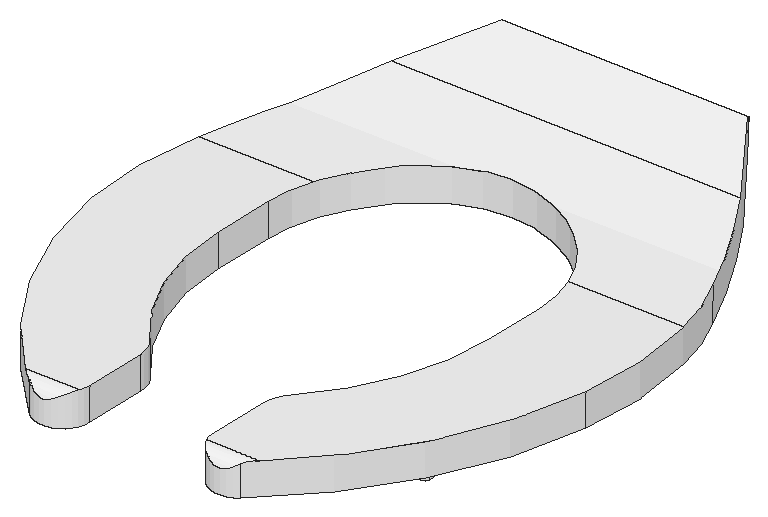
Revit family "609551001_Asiento Sanitario Forte AroAlongado", category Plumbing Fixtures, Revit 2020
Family settings
  Round Connector Dimension = Use Diameter
  Part Type = Normal
  OmniClass Number = 23.31.19.19.17
  Work Plane-Based = No
  Always vertical = Yes
  Cut with Voids When Loaded = No
  Shared = No
  Room Calculation Point = No
Parameters
  URL = "https://bimbau.s3.amazonaws.com/Documents/Products/BMB00033851_BMB00033851_609551001.pdf"
  Garantía = "5 años"  # constant formula
  Angulos de detencion = "Entre 79° - 101°\r"  # constant formula
  SKU = "609551001"  # constant formula
  Referencia = " 609551001"  # constant formula
  Profundidad = 468 mm  # constant formula
  Peso neto = "1,25 grs. "  # constant formula
  Peso  Bruto = "1,60 grs."  # constant formula
  Model = "Asiento Sanitario Forte Aro Alongado"  # constant formula
  Material 2 = Corona_Acero inoxidable
  Material = Corona_Polipropileno
  Manufacturer = "Corona"  # constant formula
  Resistencia de flexion = " 1335 ± 22 N - 300 ± 5 lbs."  # constant formula
  Fecha de creación = "11/03/2021"  # constant formula
  Description = "Asiento Standard"  # constant formula
  Default Elevation = 0 mm
  Creado por = "BIMBAU"  # constant formula
  Ancho = 366 mm  # constant formula
  Alto = 58 mm  # constant formula
Reference planes
  plane 1 "Center (Front/Back)": y = 0
  plane 2: z = 0
  plane 3 "Center (Left/Right)": x = 0
  plane 4: x = -183
  plane 5: x = 183
  plane 6: y = 234
  plane 7: y = -234
  plane 8: z = 58
Forms (mm)
  Extrusion 1, solid, material "Corona_Polipropileno" <- "Material", detail levels medium+fine
    sketch origin (0, 0, 0) x (0, 1, 0) y (0, 0, 1)
      loop
        line (221.865, 34.851) -> (211.793, 56.45) -> (158.808, 40.251)
        arc (158.808, 40.251) -> (103.563, 27.75) -> (47.077, 23.553) r 382.154
        line (47.077, 23.553) -> (-220.786, 23.553)
        arc (-220.786, 23.553) -> (-230.13, 19.682) -> (-234, 10.338) r 13.214
        line (-234, 10.338) -> (-234, -0.047) -> (47.077, -0.047)
        arc (47.077, -0.047) -> (107.051, 4.409) -> (165.708, 17.682) r 405.754
        line (165.708, 17.682) -> (221.865, 34.851)
    from -183 to 183
  Extrusion 2, void, detail levels medium+fine
    sketch origin (0, 0, 0) x (1, 0, 0) y (0, 1, 0)
      loop
        line (-44.147, -213.14) -> (-44.147, -167.752)
        arc (-44.147, -167.752) -> (-45.881, -158.607) -> (-50.841, -150.732) r 24.984
        arc (-50.841, -150.732) -> (-85.468, -95.755) -> (-97.57, -31.919) r 174.412
        line (-97.57, -31.919) -> (-97.57, 13.09)
        arc (-97.57, 13.09) -> (0, 110.66) -> (97.57, 13.09) r 97.57
        line (97.57, 13.09) -> (97.57, -31.919)
        arc (97.57, -31.919) -> (85.468, -95.755) -> (50.841, -150.732) r 174.412
        arc (50.841, -150.732) -> (45.881, -158.607) -> (44.147, -167.752) r 24.984
        line (44.147, -167.752) -> (44.147, -213.14)
        arc (44.147, -213.14) -> (55.311, -230.625) -> (75.871, -227.856) r 19.275
        arc (75.871, -227.856) -> (142.873, -145.462) -> (177.234, -44.977) r 302.206
        arc (177.234, -44.977) -> (178.24, 23.768) -> (160.303, 90.139) r 247.593
        arc (160.303, 90.139) -> (121.002, 165.893) -> (69.577, 234) r 508.104
        line (69.577, 234) -> (-69.577, 234)
        arc (-69.577, 234) -> (-121.002, 165.893) -> (-160.303, 90.139) r 508.104
        arc (-160.303, 90.139) -> (-178.24, 23.768) -> (-177.234, -44.977) r 247.593
        arc (-177.234, -44.977) -> (-142.873, -145.462) -> (-75.871, -227.856) r 302.206
        arc (-75.871, -227.856) -> (-55.311, -230.625) -> (-44.147, -213.14) r 19.275
      loop
        line (-219.063, 268.58) -> (-219.063, -291.42) -> (235.937, -291.42) -> (235.937, 268.58) -> (-219.063, 268.58)
    from -129.818 to 250
  Extrusion 3, solid, material "Corona_Polipropileno" <- "Material", detail levels medium+fine
    sketch origin (0, 0, 0) x (1, 0, 0) y (0, 1, 0)
      loop
        spline (-158.372, 78.288) -> (-158.61, 75.144) -> (-157.231, 71.632) -> (-154.328, 67.991) -> (-150.1, 64.469) -> (-144.835, 61.305) -> (-138.891, 58.717) -> (-132.674, 56.879) -> (-126.608, 55.918) -> (-121.105, 55.899) -> (-116.541, 56.822) -> (-113.226, 58.626) -> (-111.388, 61.187)
        spline (-111.388, 61.187) -> (-111.15, 64.33) -> (-112.53, 67.843) -> (-115.432, 71.484) -> (-119.66, 75.006) -> (-124.925, 78.169) -> (-130.869, 80.758) -> (-137.086, 82.595) -> (-143.153, 83.556) -> (-148.655, 83.576) -> (-153.219, 82.652) -> (-156.534, 80.849) -> (-158.372, 78.288)
      loop
        spline (-142.271, -141.185) -> (-140.432, -143.745) -> (-137.118, -145.549) -> (-132.554, -146.473) -> (-127.051, -146.453) -> (-120.984, -145.492) -> (-114.767, -143.654) -> (-108.824, -141.066) -> (-103.559, -137.903) -> (-99.331, -134.381) -> (-96.428, -130.739) -> (-95.049, -127.227) -> (-95.286, -124.084)
        spline (-95.286, -124.084) -> (-97.125, -121.523) -> (-100.439, -119.719) -> (-105.003, -118.795) -> (-110.506, -118.815) -> (-116.573, -119.776) -> (-122.79, -121.614) -> (-128.733, -124.202) -> (-133.998, -127.365) -> (-138.226, -130.888) -> (-141.129, -134.529) -> (-142.508, -138.041) -> (-142.271, -141.185)
      loop
        spline (158.372, 78.288) -> (156.534, 80.849) -> (153.219, 82.652) -> (148.655, 83.576) -> (143.153, 83.556) -> (137.086, 82.595) -> (130.869, 80.758) -> (124.925, 78.169) -> (119.66, 75.006) -> (115.432, 71.484) -> (112.53, 67.843) -> (111.15, 64.33) -> (111.388, 61.187)
        spline (111.388, 61.187) -> (113.226, 58.626) -> (116.541, 56.822) -> (121.105, 55.899) -> (126.608, 55.918) -> (132.674, 56.879) -> (138.891, 58.717) -> (144.835, 61.305) -> (150.1, 64.469) -> (154.328, 67.991) -> (157.231, 71.632) -> (158.61, 75.144) -> (158.372, 78.288)
      loop
        spline (142.271, -141.185) -> (142.508, -138.041) -> (141.129, -134.529) -> (138.226, -130.888) -> (133.998, -127.365) -> (128.733, -124.202) -> (122.79, -121.614) -> (116.573, -119.776) -> (110.506, -118.815) -> (105.003, -118.795) -> (100.439, -119.719) -> (97.125, -121.523) -> (95.286, -124.084)
        spline (95.286, -124.084) -> (95.049, -127.227) -> (96.428, -130.739) -> (99.331, -134.381) -> (103.559, -137.903) -> (108.824, -141.066) -> (114.767, -143.654) -> (120.984, -145.492) -> (127.051, -146.453) -> (132.554, -146.473) -> (137.118, -145.549) -> (140.432, -143.745) -> (142.271, -141.185)
    from -3.176 to 0
  Revolve 4, solid, material "Corona_Acero inoxidable" <- "Material 2", detail levels medium+fine
    sketch origin (0, 212.147, 0) x (1, 0, 0) y (0, 0, 1)
      loop
        line (-74.478, 0) -> (-74.478, -47.052) -> (-69.478, -47.052) -> (-69.478, 0) -> (-74.478, 0)
      axis (-69.478, 0) -> (-69.478, -47.052)
    angle from 0 to 360
  Revolve 5, solid, material "Corona_Acero inoxidable" <- "Material 2", detail levels medium+fine
    sketch origin (0, 212.147, 0) x (-1, 0, 0) y (0, 0, -1)
      loop
        line (-74.478, 0) -> (-69.478, 0) -> (-69.478, 47.052) -> (-74.478, 47.052) -> (-74.478, 0)
      axis (-69.478, 0) -> (-69.478, 47.052)
    angle from 0 to 360
  Extrusion 6, solid, material "Corona_Polipropileno" <- "Material", detail levels medium+fine
    sketch origin (0, 0, 0) x (0, 1, 0) y (0, 0, 1)
      loop
        line (221.865, 34.851) -> (198.922, 27.837) -> (207.97, 8.433) -> (229.502, 18.474) -> (221.865, 34.851)
    from -53.205 to 56.828
  Sweep 7, solid, material "Corona_Polipropileno" <- "Material", detail levels medium+fine
    path origin (0, 0, -0.047) x (1, 0, 0) y (0, 0, 1)
      loop
        line (-69.478, 0) -> (-69.478, 8.125)
        arc (-69.478, 8.125) -> (-65.085, 18.732) -> (-54.478, 23.125) r 15
        line (-54.478, 23.125) -> (0, 23.125) -> (54.478, 23.125)
        arc (54.478, 23.125) -> (65.085, 18.732) -> (69.478, 8.125) r 15
        line (69.478, 8.125) -> (69.478, 0)
    profile origin (-69.478, 0, 4.015) x (-1, 0, 0) y (0, -1, 0)
      loop
        circle (0, -212.898) r 10.323
  Extrusion 8, solid, detail levels coarse
    sketch origin (0, 0, 0) x (1, 0, 0) y (0, 1, 0)
      loop
        line (-194.022, 234) -> (-194.022, -234) -> (194.405, -234) -> (194.405, 234) -> (-194.022, 234)
    from -47.052 to 58
Cuts and joins
  Extrusion 2 cuts Extrusion 1
  joined: Extrusion 1, Extrusion 6
Dimensions and locks
  equal spacing: plane 4, plane 3 "Center (Left/Right)", plane 5
  "Ancho": plane 4 to plane 5
  equal spacing: plane 6, plane 1 "Center (Front/Back)", plane 7
  "Profundidad": plane 6 to plane 7
  "Alto": plane 8 to level
  aligned and locked: level to plane 2
  aligned and locked: plane 8 to Extrusion 8
Automatic sketch dimensions
  Extrusion 1 sketch curve to Extrusion 1 sketch curve = 0 mm  (x2)
  Extrusion 1 sketch curve to plane 7 = 0 mm
  Extrusion 1 sketch curve to plane 8 = 1.55 mm
  plane 7 to Extrusion 1 sketch curve = 13.214 mm
  Extrusion 1 sketch curve to plane 1 "Center (Front/Back)" = 47.077 mm
  Extrusion 1 sketch curve to plane 8 = 17.749 mm
  Extrusion 1 sketch curve to plane 6 = 75.192 mm
  level to Extrusion 1 sketch curve = 17.682 mm
  Extrusion 1 sketch curve to Extrusion 1 sketch curve = 6.9 mm
  Extrusion 1 sketch curve to plane 6 = 22.207 mm
  Extrusion 1 sketch curve to plane 6 = 12.135 mm
  level to Extrusion 1 sketch curve = 10.338 mm
  Extrusion 1 sketch curve to plane 8 = 23.149 mm
  Extrusion 2 sketch curve to plane 6 = 0 mm
  Extrusion 2 sketch curve to plane 3 "Center (Left/Right)" = 0 mm
  Extrusion 2 sketch curve to plane 3 "Center (Left/Right)" = 44.147 mm
  Extrusion 2 sketch curve to Extrusion 2 sketch curve = 19.275 mm  (x2)
  plane 1 "Center (Front/Back)" to Extrusion 2 sketch curve = 7.016 mm  (x2)
  Extrusion 2 sketch curve to plane 3 "Center (Left/Right)" = 67.431 mm
  Extrusion 2 sketch curve to Extrusion 2 sketch curve = 24.984 mm  (x2)
  Extrusion 2 sketch curve to plane 3 "Center (Left/Right)" = 69.577 mm
  Extrusion 2 sketch curve to Extrusion 2 sketch curve = 9.41 mm
  Extrusion 2 sketch curve to Extrusion 2 sketch curve = 20.728 mm  (x2)
  Extrusion 2 sketch curve to plane 1 "Center (Front/Back)" = 1.04 mm  (x2)
  Extrusion 2 sketch curve to Extrusion 2 sketch curve = 23.878 mm  (x2)
  Extrusion 2 sketch curve to plane 4 = 36.063 mm
  Extrusion 2 sketch curve to plane 4 = 125.774 mm
  plane 7 to Extrusion 2 sketch curve = 20.86 mm  (x2)
  plane 3 "Center (Left/Right)" to Extrusion 2 sketch curve = 44.147 mm
  Extrusion 2 sketch curve to Extrusion 2 sketch curve = 30.139 mm
  plane 3 "Center (Left/Right)" to Extrusion 2 sketch curve = 69.577 mm
  plane 5 to Extrusion 2 sketch curve = 52.937 mm
  plane 5 to Extrusion 2 sketch curve = 125.774 mm
  Extrusion 2 sketch curve to plane 7 = 57.42 mm
  Extrusion 2 sketch curve to Extrusion 2 sketch curve = 45.388 mm  (x2)
  plane 1 "Center (Front/Back)" to Extrusion 2 sketch curve = 105.146 mm  (x2)
  Extrusion 2 sketch curve to Extrusion 2 sketch curve = 24.902 mm
  Extrusion 2 sketch curve to Extrusion 2 sketch curve = 0 mm
  Extrusion 2 sketch curve to plane 1 "Center (Front/Back)" = 13.09 mm
  plane 6 to Extrusion 2 sketch curve = 34.58 mm
  plane 7 to Extrusion 2 sketch curve = 6.144 mm  (x2)
  Extrusion 2 sketch curve to plane 1 "Center (Front/Back)" = 90.139 mm  (x2)
  plane 4 to Extrusion 3 sketch curve = 24.628 mm
  Extrusion 3 sketch curve to plane 5 = 40.729 mm
  plane 7 to Extrusion 3 sketch curve = 92.815 mm  (x2)
  plane 4 to Extrusion 3 sketch curve = 40.729 mm
  Extrusion 3 sketch curve to Extrusion 3 sketch curve = 23.492 mm  (x3)
  Extrusion 3 sketch curve to plane 5 = 48.12 mm
  Extrusion 3 sketch curve to plane 5 = 24.628 mm
  Extrusion 3 sketch curve to plane 1 "Center (Front/Back)" = 69.737 mm  (x2)
  Revolve 4 sketch curve to level = 0 mm
  Revolve 4 sketch curve to plane 3 "Center (Left/Right)" = 74.478 mm
  Revolve 4 sketch curve to Revolve 4 sketch curve = 5 mm
  Revolve 4 sketch curve to level = 47.052 mm
  Revolve 4 sketch curve to Revolve 4 sketch curve = 0 mm
  Revolve 4 sketch curve to level = 23.526 mm
  Revolve 4 sketch curve to Revolve 4 sketch curve = 10 mm
  Revolve 5 sketch curve to level = 0 mm
  plane 3 "Center (Left/Right)" to Revolve 5 sketch curve = 74.478 mm
  Revolve 5 sketch curve to Revolve 5 sketch curve = 5 mm
  Revolve 5 sketch curve to level = 47.052 mm
  Revolve 5 sketch curve to Revolve 5 sketch curve = 0 mm
  Revolve 5 sketch curve to level = 23.526 mm
  Revolve 5 sketch curve to Revolve 5 sketch curve = 10 mm
  Extrusion 6 sketch curve to plane 6 = 35.078 mm
  level to Extrusion 6 sketch curve = 8.433 mm
  Extrusion 6 sketch curve to plane 6 = 26.03 mm
  Extrusion 6 sketch curve to plane 6 = 12.135 mm
  Extrusion 6 sketch curve to plane 6 = 4.498 mm
  level to Extrusion 6 sketch curve = 18.474 mm
  Sweep 7 sketch curve to plane 3 "Center (Left/Right)" = 0 mm
  Sweep 7 sketch curve to plane 8 = 34.922 mm
  Sweep 7 sketch curve to plane 3 "Center (Left/Right)" = 54.478 mm
  level to Sweep 7 sketch curve = 8.078 mm  (x2)
  Sweep 7 sketch curve to Sweep 7 sketch curve = 54.478 mm
  Sweep 7 sketch curve to level = 0.047 mm  (x2)
  Sweep 7 sketch curve to Sweep 7 sketch curve = 0 mm  (x2)
  Sweep 7 sketch curve to profile plane = 0 mm
  Sweep 7 sketch curve to profile plane = 212.898 mm
  Sweep 7 sketch curve to Sweep 7 sketch curve = 10.323 mm
  Extrusion 8 sketch curve to plane 7 = 0 mm
  Extrusion 8 sketch curve to plane 6 = 0 mm
  Extrusion 8 sketch curve to plane 4 = 11.022 mm
  plane 5 to Extrusion 8 sketch curve = 11.405 mm
Nested families
  nested 1: "Planta" at (0, -2.5, 0), type "Planta"
Definition of nested family "Planta"
  Parameters (values of type "Planta")
    Ancho = 320 mm
  Reference planes
    plane 1 "Center (Front/Back)": y = 0
    plane 2: z = 0
    plane 3 "Center (Left/Right)": x = 0
  Lines and regions (mm)
    Filled region 1, type "Solido", in view "Ref. Level"
      outline origin (0, 0, 0) x (1, 0, 0) y (0, 1, 0)
        loop
          spline (46.592, -144.698) -> (60.84, -224.355) -> (94.632, -219) -> (127.545, -185.264) -> (153.567, -141.395) -> (174.27, -96.742) -> (187.25, -51.946) -> (193.028, -10.969) -> (192.975, 28.008) -> (188.197, 72.63) -> (179.381, 119.544) -> (149.356, 170.056) -> (82.269, 234.149)
          line (82.269, 234.149) -> (-82.269, 234.149)
          spline (-82.269, 234.149) -> (-149.356, 170.056) -> (-179.381, 119.544) -> (-188.197, 72.63) -> (-192.975, 28.008) -> (-193.028, -10.969) -> (-187.25, -51.946) -> (-174.27, -96.742) -> (-153.567, -141.395) -> (-127.545, -185.264) -> (-94.632, -219) -> (-60.84, -224.355) -> (-46.592, -144.698)
          spline (-46.592, -144.698) -> (-62.326, -126.065) -> (-78.076, -101.048) -> (-90.363, -72.489) -> (-97.891, -42.555) -> (-101.833, -12.64) -> (-103.494, 15.902) -> (-103.444, 42.164) -> (-100.132, 66.53) -> (-91.63, 89.613) -> (-75.704, 111.653) -> (-47.334, 129.45) -> (0, 137.96)
          spline (0, 137.96) -> (47.334, 129.45) -> (75.704, 111.653) -> (91.63, 89.613) -> (100.132, 66.53) -> (103.444, 42.164) -> (103.494, 15.902) -> (101.833, -12.64) -> (97.891, -42.555) -> (90.363, -72.489) -> (78.076, -101.048) -> (62.326, -126.065) -> (46.592, -144.698)
    detail lines, in view "Ref. Level"
      curve 1: spline (-106.533, 100.922, 0) -> (-109.359, 98.071, 0) -> (-113.764, 96.436, 0) -> (-119.446, 96.129, 0) -> (-126.019, 97.172, 0) -> (-133.034, 99.492, 0) -> (-140.014, 102.931, 0) -> (-146.482, 107.256, 0) -> (-151.999, 112.172, 0) -> (-156.188, 117.343, 0) -> (-158.764, 122.417, 0) -> (-159.55, 127.048, 0) -> (-158.494, 130.922, 0) -> (-155.668, 133.773, 0) -> (-151.264, 135.407, 0) -> (-145.582, 135.714, 0) -> (-139.009, 134.672, 0) -> (-131.994, 132.352, 0) -> (-125.014, 128.912, 0) -> (-118.545, 124.587, 0) -> (-113.028, 119.672, 0) -> (-108.839, 114.501, 0) -> (-106.264, 109.426, 0) -> (-105.477, 104.795, 0) -> (-106.533, 100.922, 0)
      curve 2: spline (-91.043, -95.922, 0) -> (-93.869, -93.071, 0) -> (-98.273, -91.436, 0) -> (-103.955, -91.129, 0) -> (-110.528, -92.172, 0) -> (-117.543, -94.492, 0) -> (-124.523, -97.931, 0) -> (-130.992, -102.256, 0) -> (-136.509, -107.172, 0) -> (-140.698, -112.343, 0) -> (-143.273, -117.417, 0) -> (-144.06, -122.048, 0) -> (-143.004, -125.922, 0) -> (-140.178, -128.773, 0) -> (-135.773, -130.407, 0) -> (-130.091, -130.714, 0) -> (-123.519, -129.672, 0) -> (-116.503, -127.352, 0) -> (-109.523, -123.912, 0) -> (-103.055, -119.587, 0) -> (-97.538, -114.672, 0) -> (-93.349, -109.501, 0) -> (-90.773, -104.426, 0) -> (-89.987, -99.795, 0) -> (-91.043, -95.922, 0)
      curve 3: spline (87.975, 106.1, 0) -> (90.801, 103.249, 0) -> (95.206, 101.615, 0) -> (100.888, 101.308, 0) -> (107.46, 102.35, 0) -> (114.476, 104.67, 0) -> (121.456, 108.11, 0) -> (127.924, 112.435, 0) -> (133.441, 117.35, 0) -> (137.63, 122.521, 0) -> (140.206, 127.595, 0) -> (140.992, 132.227, 0) -> (139.936, 136.1, 0) -> (137.11, 138.951, 0) -> (132.706, 140.586, 0) -> (127.023, 140.892, 0) -> (120.451, 139.85, 0) -> (113.435, 137.53, 0) -> (106.456, 134.091, 0) -> (99.987, 129.766, 0) -> (94.47, 124.85, 0) -> (90.281, 119.679, 0) -> (87.706, 114.605, 0) -> (86.919, 109.973, 0) -> (87.975, 106.1, 0)
      curve 4: spline (96.781, -87.034, 0) -> (99.607, -84.183, 0) -> (104.011, -82.548, 0) -> (109.694, -82.241, 0) -> (116.266, -83.284, 0) -> (123.282, -85.604, 0) -> (130.261, -89.043, 0) -> (136.73, -93.368, 0) -> (142.247, -98.284, 0) -> (146.436, -103.455, 0) -> (149.011, -108.529, 0) -> (149.798, -113.16, 0) -> (148.742, -117.034, 0) -> (145.916, -119.885, 0) -> (141.511, -121.519, 0) -> (135.829, -121.826, 0) -> (129.257, -120.784, 0) -> (122.241, -118.464, 0) -> (115.261, -115.024, 0) -> (108.793, -110.699, 0) -> (103.276, -105.784, 0) -> (99.087, -100.613, 0) -> (96.511, -95.538, 0) -> (95.725, -90.907, 0) -> (96.781, -87.034, 0)
      curve 5: line (-58.79, 234.439, 0) -> (56.21, 234.439, 0)
      curve 6: line (-58.79, 184.109, 0) -> (-58.79, 234.439, 0)
      curve 7: line (56.21, 184.109, 0) -> (-58.79, 184.109, 0)
      curve 8: line (56.21, 234.439, 0) -> (56.21, 184.109, 0)
      curve 9: circle (-72.98, 220.192, 0) r 14 normal (0, 0, 1)
      curve 10: circle (69.953, 220.064, 0) r 14 normal (0, 0, 1)
